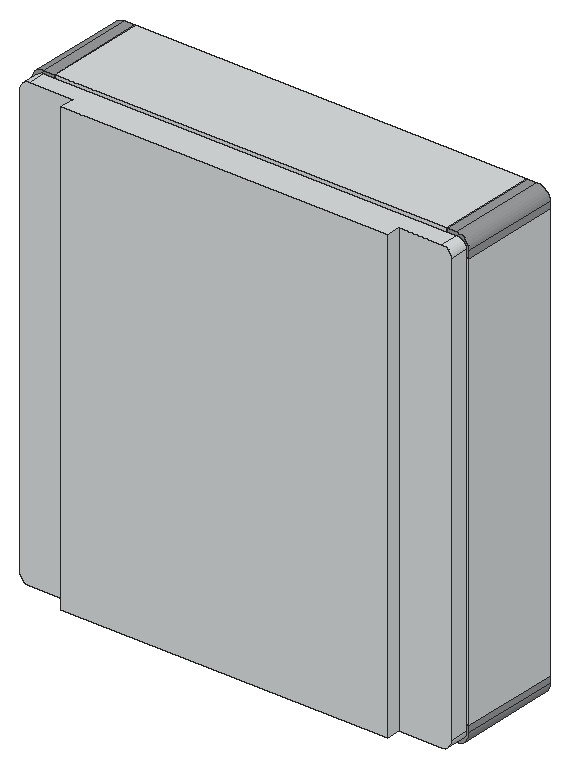
Revit family "Legrand Coffret XL³ 400 Isolant", category Equipement électrique, Revit 2020
Family settings
  Configuration du panneau = Deux colonnes, circuits au sein
  Cote de connecteur circulaire = Utiliser le diamètre
  Type d'élément = Tableau de raccordement
  Numéro OmniClass = 23.80.30.11.17
  Titre OmniClass = Distribution Boards and Control Panels
  Basée sur le plan de construction = Non
  Toujours verticalement = Oui
  Couper avec des vides une fois chargée = Non
  Partagée = Non
  Point de calcul de pièce = Non
Parameters (values of type "020153-020253")
  built-in parameter 1140140 [instance] = 1 (stored number, unit not read)
  profondeur zone d'installation = 750 mm
  Matière coin = "Plastique"  # constant formula
  Matière = "Acier"  # constant formula
  Largeur zone d'installation = 1245 mm
  Hauteur zone d'installation = [Hauteur (mm)]  # 600 mm
  zone d'installation [instance] = yes
  URL = "https://www.legrand.fr/"
  profondeur (mm) = 175 mm
  poignée Tableau = not(poignée Coffret)  # no
  poignée Coffret = yes
  Modèle = "XL³ 400 Isolant"
  Largeur (mm) = 575 mm
  IPK (kA) = "52.5"
  IN (A) = "400"
  ICW (jusqu'à) (kA) = "25"
  IP sans porte = "30"
  IP avec porte = "40"
  IK sans porte = "07"
  IK avec porte = "08"
  Hauteur (mm) = 600 mm
  Finition = "Peinture époxipolyester déposée par poudrage électrostatique"
  Conditions Générale d'Utilisation = "https://export.legrand.com/CGU-objets-BIM"
  Fabricant = "Legrand"  # constant formula
  RAL = "7035"
  Elévation par défaut = 0 mm
  built-in parameter 1140142 [instance] = -1
  built-in parameter 1155100 [instance] = -1
Types (6, lengths in mm): name | Hauteur zone d'installation | Hauteur (mm)
  (no name) | 1200 | 1200
  020153-020253 | 600 | 600
  020154-020254 | 750 | 750
  020155-020255 | 900 | 900
  020156-020256 | 1050 | 1050
  020157-020257 | 1200 | 1200
Reference planes
  plane 1 "Centre (avant/arrière)": y = 0
  plane 2: z = 0
  plane 3 "Centre (gauche/droite)": x = 0
  plane 4: y = 87.5
  plane 5: y = -87.5
  plane 6: x = -287.5
  plane 7: x = 287.5
  plane 8: z = 600
  plane 9: z = 300
  plane 10: x = -257.5
  plane 11: z = 575
  plane 12: z = 583.5
  plane 13: x = -271
  plane 14: z = 595
  plane 15: z = 5
  plane 16: x = 282.5
  plane 17: x = -282.5
  plane 18: y = 86.5
  plane 19: y = -44.5
  plane 20: z = 596
  plane 21: x = 283.5
  plane 22: z = 4
  plane 23: x = -283.5
  plane 24: x = 272.5
  plane 25: x = -262.5
  plane 26: y = -68.5
Forms (mm)
  Extrusion 1, solid, material "IDS_PLASTIQUE"
    sketch origin (0, 0, 0) x (1, 0, 0) y (0, 0, 1)
      loop
        line (-287.5, 575) -> (-257.5, 575) -> (-257.5, 600) -> (-271, 600)
        arc (-271, 600) -> (-282.667, 595.167) -> (-287.5, 583.5) r 16.5
        line (-287.5, 583.5) -> (-287.5, 575)
      loop
        line (287.5, 575) -> (287.5, 583.5)
        arc (287.5, 583.5) -> (282.667, 595.167) -> (271, 600) r 16.5
        line (271, 600) -> (257.5, 600) -> (257.5, 575) -> (287.5, 575)
      loop
        line (-287.5, 25) -> (-287.5, 16.5)
        arc (-287.5, 16.5) -> (-282.667, 4.833) -> (-271, 0) r 16.5
        line (-271, 0) -> (-257.5, 0) -> (-257.5, 25) -> (-287.5, 25)
      loop
        line (287.5, 25) -> (257.5, 25) -> (257.5, 0) -> (271, 0)
        arc (271, 0) -> (282.667, 4.833) -> (287.5, 16.5) r 16.5
        line (287.5, 16.5) -> (287.5, 25)
    from -87.5 to 44.5
  Extrusion 2, solid, material "IDS_ACIER"
    sketch origin (0, 0, 0) x (1, 0, 0) y (0, 0, 1)
      loop
        line (-257.5, 600) -> (-257.5, 575) -> (257.5, 575) -> (257.5, 600) -> (-257.5, 600)
      loop
        line (-257.5, 0) -> (257.5, 0) -> (257.5, 25) -> (-257.5, 25) -> (-257.5, 0)
    from -87.5 to 44.5
  Extrusion 3, solid, material "IDS_ACIER"
    sketch origin (0, 0, 0) x (1, 0, 0) y (0, 0, 1)
      loop
        line (-287.5, 575) -> (-287.5, 25) -> (-257.5, 25) -> (-257.5, 575) -> (-287.5, 575)
      loop
        line (287.5, 575) -> (257.5, 575) -> (257.5, 25) -> (287.5, 25) -> (287.5, 575)
    from -87.5 to 44.5
  Extrusion 4, solid, material "IDS_ACIER"
    sketch origin (0, 0, 0) x (1, 0, 0) y (0, 0, 1)
      loop
        line (-282.5, 595) -> (-282.5, 5) -> (282.5, 5) -> (282.5, 595) -> (-282.5, 595)
    from -87.5 to -86.5
  Extrusion 5, solid, material "IDS_ACIER"
    sketch origin (0, 0, 0) x (1, 0, 0) y (0, 0, 1)
      loop
        line (-283.5, 583.5) -> (-283.5, 16.5)
        arc (-283.5, 16.5) -> (-279.839, 7.661) -> (-271, 4) r 12.5
        line (-271, 4) -> (271, 4)
        arc (271, 4) -> (279.839, 7.661) -> (283.5, 16.5) r 12.5
        line (283.5, 16.5) -> (283.5, 583.5)
        arc (283.5, 583.5) -> (279.839, 592.339) -> (271, 596) r 12.5
        line (271, 596) -> (-271, 596)
        arc (-271, 596) -> (-279.839, 592.339) -> (-283.5, 583.5) r 12.5
    from 44.5 to 68.5
  Extrusion 6, solid, material "IDS_ACIER"
    sketch origin (0, 0, 0) x (1, 0, 0) y (0, 1, 0)
      loop
        line (-214.5, -68.5) -> (-214.5, -87.5) -> (214.5, -87.5) -> (214.5, -68.5) -> (-214.5, -68.5)
    from 4 to 596
Cuts and joins
  joined: Extrusion 2, Extrusion 3, Extrusion 4
  joined: Extrusion 5, Extrusion 6
Dimensions and locks
  equal spacing: plane 6, plane 3 "Centre (gauche/droite)", plane 7
  equal spacing: plane 4, plane 1 "Centre (avant/arrière)", plane 5
  "Largeur (mm)": plane 6 to plane 7
  "profondeur (mm)": plane 4 to plane 5
  "Hauteur (mm)": plane 8 to plane 2
  equal spacing: plane 8, plane 9, plane 2
  locked: plane 10 to plane 6 at 30
  locked: plane 8 to plane 11 at 25
  locked: plane 13 to plane 6 at 16.5
  locked: plane 8 to plane 12 at 16.5
  locked: plane 8 to plane 14 at 5
  locked: plane 15 to plane 2 at 5
  locked: plane 17 to plane 6 at 5
  locked: plane 7 to plane 16 at 5
  locked: plane 18 to plane 4 at 1
  locked: plane 5 to plane 19 at 43
  locked: plane 7 to plane 21 at 4
  locked: plane 22 to plane 2 at 4
  equal spacing: plane 20, plane 9, plane 22
  equal spacing: plane 21, plane 3 "Centre (gauche/droite)", plane 23
  locked: plane 7 to plane 24 at 15
  locked: plane 25 to plane 6 at 25
  locked: plane 26 to plane 5 at 19
  Extrusion 6 sketch curve to Extrusion 6 sketch curve = 429 mm
  locked: plane 6 to Extrusion 6 sketch curve at 73
  aligned and locked: level to plane 2
  aligned and locked: plane 11 to Extrusion 1 sketch curve
  aligned and locked: Extrusion 1 sketch curve to plane 10
  aligned and locked: plane 6 to Extrusion 1 sketch curve
  aligned and locked: plane 4 to Extrusion 1
  aligned and locked: Extrusion 2 sketch curve to plane 8
  aligned and locked: Extrusion 2 sketch curve to Extrusion 1  (x3)
  aligned and locked: plane 4 to Extrusion 2
  aligned and locked: plane 6 to Extrusion 3 sketch curve
  aligned and locked: Extrusion 3 sketch curve to Extrusion 1  (x3)
  aligned and locked: plane 4 to Extrusion 3
  aligned and locked: Extrusion 4 sketch curve to plane 14
  aligned and locked: plane 17 to Extrusion 4 sketch curve
  aligned and locked: plane 15 to Extrusion 4 sketch curve
  aligned and locked: Extrusion 4 sketch curve to plane 16
  aligned and locked: plane 4 to Extrusion 4
  aligned and locked: Extrusion 1 to plane 19
  aligned and locked: Extrusion 1 to Extrusion 3
  aligned and locked: Extrusion 2 to Extrusion 1
  aligned and locked: Extrusion 5 sketch curve to plane 20
  aligned and locked: plane 23 to Extrusion 5 sketch curve
  aligned and locked: plane 22 to Extrusion 5 sketch curve
  aligned and locked: Extrusion 5 sketch curve to plane 21
  aligned and locked: plane 19 to Extrusion 5
  aligned and locked: cut or joined group of Extrusion 2, Extrusion 3, Extrusion 4 to plane 18
  aligned and locked: Extrusion 5 to plane 26
  aligned and locked: Extrusion 6 sketch curve to plane 26
  aligned and locked: Extrusion 6 sketch curve to plane 5
  aligned and locked: cut or joined group of Extrusion 5, Extrusion 6 to cut or joined group of Extrusion 5, Extrusion 6  (x2)
Automatic sketch dimensions
  Extrusion 1 sketch curve to plane 6 = 0 mm
  Extrusion 1 sketch curve to plane 8 = 0 mm  (x2)
  Extrusion 1 sketch curve to plane 13 = 0 mm
  plane 13 to Extrusion 1 sketch curve = 0 mm
  Extrusion 1 sketch curve to plane 10 = 0 mm
  Extrusion 1 sketch curve to level = 0 mm  (x2)
  Extrusion 1 sketch curve to plane 11 = 0 mm
  Extrusion 1 sketch curve to plane 12 = 0 mm
  Extrusion 1 sketch curve to plane 7 = 0 mm  (x2)
  Extrusion 1 sketch curve to Extrusion 1 sketch curve = 13.5 mm  (x2)
  Extrusion 1 sketch curve to plane 7 = 30 mm
  Extrusion 1 sketch curve to Extrusion 1 sketch curve = 8.5 mm  (x2)
  Extrusion 2 sketch curve to level = 0 mm
  plane 6 to Extrusion 2 sketch curve = 30 mm
  Extrusion 2 sketch curve to plane 7 = 30 mm
  level to Extrusion 2 sketch curve = 25 mm
  Extrusion 3 sketch curve to plane 7 = 0 mm
  Extrusion 3 sketch curve to plane 7 = 30 mm
  level to Extrusion 3 sketch curve = 25 mm
  Extrusion 3 sketch curve to plane 8 = 25 mm
  plane 6 to Extrusion 5 sketch curve = 16.5 mm
  Extrusion 5 sketch curve to Extrusion 5 sketch curve = 12.5 mm
  Extrusion 5 sketch curve to plane 7 = 16.5 mm  (x2)
Connectors
  electrical at (0, 87.5, 300)
    settings: on cut or joined group of Extrusion 2, Extrusion 3, Extrusion 4, index 1, voltage 0 V, apparent load 0 VA, apparent load phase1 0 VA, apparent load phase2 0 VA, apparent load phase3 0 VA, power factor 1, load classification "Autre", number of poles 1, system type 31, power factor state 1, is connector primary yes, connector utility no, sub classification motor no, connector description ""
